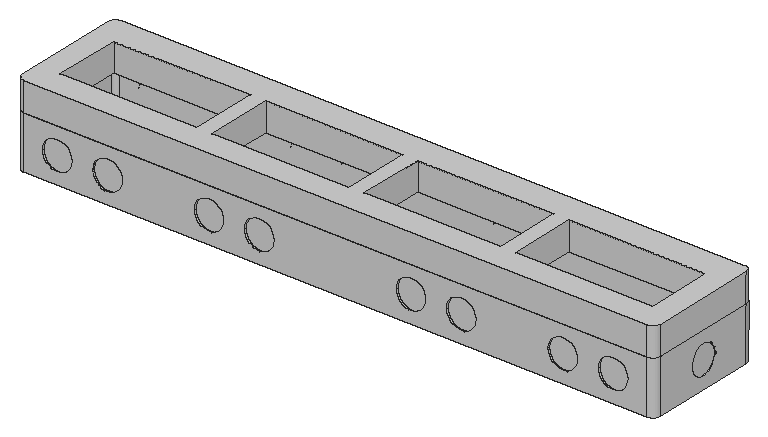
Revit family "Domotics-DomesticRanges-GEWISS-27COMBI_SYSTEM-IP40_4P+4P+4P+4P_HORIZONTAL", category Apparecchi elettrici, host Superficie, Revit 2016
Family settings
  Host = Superficie
  Mantenere orientamento annotazione = No
  Tipo di parte = Normale
  Quota connettore circolare = Usa diametro
  Numero OmniClass = 23.80.30.14.24
  Titolo OmniClass = Junction Boxes
  Taglio con vuoti quando caricato = Sì
  Condiviso = No
  Punto di calcolo locali = No
Parameters (values of type "GW27008 - 4x4 gangs horizontal")
  Version file RFA = "19.4"
  URL = "https://www.gewiss.com/ww/en"
  Type of knockout holes = "Removable with tool"
  Torque screws tightening = "0,8NM"
  Thermo-pressure with ball = "70 °C"
  Technical sheet = "https://www.gewiss.com/ww/en/search?q=GW27008"
  Standard; = "EN 60670-1"
  Shock resistance = "IK07"
  SEO = "Enclosure"
  SCATOLA = GEWISS GRIGIO
  Realized by GEWISS S.p.A. = ""
  Produttore = "GEWISS S.p.A."
  Outer dim. LxHxD (mm) = "429x82x55"
  Offset contenitore [instance] = 0 mm
  Offset bidimensionale [instance] = Offset contenitore + 55 mm  # 55 mm
  No. knockout holes Ã˜23 = "18 on sides / 4 on the bottom"
  No. knockout holes Ã˜ 23 = "18"
  Modello = "GW27008"
  Lid screws = "Corrosion-resistant steel"
  Larghezza scatola = 429 mm
  Insulation class = "II"
  Installation temperature = "-25 +60 °C"
  IP degree = "IP40"
  IFC.TypeObject = ""
  IFC.ExportType = ""
  IFC.ExportAs = ""
  IDT = "c435a9cb-b203-4528-9b1e-390a89cf94f5"
  IDF = "cf074f2e-dab3-4e00-91c2-059914fd0247"
  Glow Wire Test = "650°C"
  Electrocod = "0212"
  EAN code = "8011564055315"
  Distanza simbolo [instance] = 231.658 mm
  Default Elevation = 1219.2 mm
  Immagine tipo = GW27008.jpg
  Dimensions LxHxD (mm) = "429x82x55"
  Descrizione = "HORIZ.16(4X4) GANG ENCLOSURE IP40"
  Description: = "16 gang"
  Configuration = "Module 4 x 4"
  Compartment pre-arrangement = "2"
  Colour = "Grey RAL 7035"
  Characteristics = "Halogen free"
  Catalogue Range = "27COMBI"
  Catalogue = "DOMOTICS"
  COBie.Tagnumber = ""
  COBie.CreatedOn = ""
  COBie.CreatebBy = ""
  COBie.ComponentRegisterItemID = ""
  COBie.Component.TagNumber = ""
  COBie.Component.Space = ""
  COBie.Component.SerialNumber = ""
  COBie.Component.InstallationDate = ""
  COBie.Component.Description = ""
  COBie.Component.BarCode = ""
  Bidimensionale = bidimensionale system contenitori IP40 4X4P H : 4P
  Altezza simbolo [instance] = 102.729 mm
Reference planes
  plane 1 "Centro (Fronte/Retro)": y = 0
  plane 2: z = 0
  plane 3 "Centro (Sinistra/Destra)": x = 0
  plane 4: z = 0
  plane 5 "piano bidimensionale": z = 55
  plane 6: y = 41
  plane 7: y = -41
  plane 8: x = -214.5
  plane 9: x = 214.5
Forms (mm)
  Extrusion 1, solid, material "GEWISS GRIGIO" <- "SCATOLA", detail levels coarse
    sketch origin (0, 0, 55) x (0, -1, 0) y (1, 0, 0)
      loop
        arc (-41, -209.5) -> (-39.536, -213.036) -> (-36, -214.5) r 5
        line (-36, -214.5) -> (36, -214.5)
        arc (36, -214.5) -> (39.536, -213.036) -> (41, -209.5) r 5
        line (41, -209.5) -> (41, 209.5)
        arc (41, 209.5) -> (39.536, 213.036) -> (36, 214.5) r 5
        line (36, 214.5) -> (-36, 214.5)
        arc (-36, 214.5) -> (-39.536, 213.036) -> (-41, 209.5) r 5
        line (-41, 209.5) -> (-41, -209.5)
    from -55 to 0
Lines and regions (mm)
  Masking region 1
    outline origin (0, 0, 0) x (1, 0, 0) y (0, 0, 1)
      loop
        line (-214.5, 55) -> (-214.5, 0) -> (214.5, 0) -> (214.5, 55) -> (-214.5, 55)
  Masking region 2
    outline origin (0, 0, 0) x (0, 1, 0) y (0, 0, 1)
      loop
        line (-41, 55) -> (-41, 0) -> (41, 0) -> (41, 55) -> (-41, 55)
  Masking region 3, detail levels medium+fine
    outline origin (0, 0, 0) x (0, 1, 0) y (0, 0, 1)
      loop
        circle (0, 17.984) r 10
  Masking region 4, detail levels medium+fine
    outline origin (0, 0, 0) x (1, 0, 0) y (0, 0, 1)
      loop
        circle (-186.987, 18.054) r 10
      loop
        circle (-153.237, 18.054) r 10
      loop
        circle (-84.634, 18.054) r 10
      loop
        circle (-50.884, 18.054) r 10
      loop
        circle (186.987, 18.054) r 10
      loop
        circle (153.237, 18.054) r 10
      loop
        circle (84.634, 18.054) r 10
      loop
        circle (50.884, 18.054) r 10
Dimensions and locks
  "Offset contenitore": plane 4 to host face
  "Offset bidimensionale": plane 5 "piano bidimensionale" to plane 2
  "Larghezza scatola": plane 8 to plane 9
  equal spacing: plane 8, plane 3 "Centro (Sinistra/Destra)", plane 9
  aligned and locked: plane 2 to host face
  aligned and locked: level to host face
  aligned and locked: Extrusion 1 to plane 4
  aligned and locked: plane 5 "piano bidimensionale" to Extrusion 1
  aligned and locked: plane 4 to Extrusion 1  (x5)
  aligned and locked: Extrusion 1 to plane 6
  aligned and locked: Extrusion 1 to plane 8
  aligned and locked: Extrusion 1 to plane 7
  aligned and locked: plane 3 "Centro (Sinistra/Destra)" to nested 1
  aligned and locked: plane 1 "Centro (Fronte/Retro)" to nested 1
  aligned and locked: Extrusion 1 sketch curve to plane 8
  aligned and locked: plane 5 "piano bidimensionale" to nested 1
  aligned and locked: plane 3 "Centro (Sinistra/Destra)" to nested 2
  aligned and locked: plane 9 to nested 2
  aligned and locked: Extrusion 1 sketch curve to plane 9
  aligned and locked: nested 2 to plane 4
  aligned and locked: plane 4 to Masking region 1 sketch curve
  aligned and locked: plane 8 to Masking region 1 sketch curve
  aligned and locked: Masking region 1 sketch curve to plane 5 "piano bidimensionale"
  aligned and locked: Masking region 1 sketch curve to plane 9
  aligned and locked: Masking region 2 sketch curve to Extrusion 1  (x3)
  aligned and locked: Masking region 2 sketch curve to nested 2
Automatic sketch dimensions
  host sketch curve to host sketch curve = 2438.4 mm  (x2)
  plane 6 to Extrusion 1 sketch curve = 0 mm
  plane 7 to Extrusion 1 sketch curve = 0 mm
  Extrusion 1 sketch curve to plane 6 = 5 mm  (x2)
  plane 7 to Extrusion 1 sketch curve = 5 mm  (x2)
  Masking region 3 sketch curve to plane 1 "Centro (Fronte/Retro)" = 0 mm
  plane 4 to Masking region 3 sketch curve = 17.984 mm
  plane 8 to Masking region 4 sketch curve = 27.513 mm
  Masking region 4 sketch curve to Masking region 4 sketch curve = 33.75 mm  (x3)
  plane 4 to Masking region 4 sketch curve = 18.054 mm  (x8)
  Masking region 4 sketch curve to Masking region 4 sketch curve = 68.604 mm
  plane 3 "Centro (Sinistra/Destra)" to Masking region 4 sketch curve = 50.884 mm
  Masking region 4 sketch curve to plane 9 = 61.263 mm
  Masking region 4 sketch curve to plane 9 = 27.513 mm
  radius of Masking region 3 sketch curve = 10 mm
  radius of Masking region 4 sketch curve = 10 mm  (x8)
Nested families
  nested 1: "bidimensionale system contenitori IP40 4X4P H" at (0, 0, 55), type <- "Bidimensionale", type "4P", detail levels coarse
  nested 2: "SYSTEM CONTENITORI IP40 4X4P H_BASE" at (0, 0, 0), type "GW27008 - 4x4 posti orizzontali"
Connectors
  cabletrayconduit at (-186.83, -41, 18), diameter 20
    settings: on nested 2, index 1, connector width 300 mm, connector height 300 mm, connector angle 0.00°, system type 32, placement type 0, profile type 0, connector reference index -1, is primary connector yes, connector utility param no, connector description ""
  cabletrayconduit at (-153, -41, 18), diameter 20
    settings: on nested 2, index 2, connector width 300 mm, connector height 300 mm, connector angle 0.00°, system type 32, placement type 0, profile type 0, connector reference index -1, is primary connector no, connector utility param no, connector description ""
  cabletrayconduit at (-84.83, -41, 18), diameter 20
    settings: on nested 2, index 3, connector width 300 mm, connector height 300 mm, connector angle 0.00°, system type 32, placement type 0, profile type 0, connector reference index -1, is primary connector no, connector utility param no, connector description ""
  cabletrayconduit at (-51, -41, 18), diameter 20
    settings: on nested 2, index 4, connector width 300 mm, connector height 300 mm, connector angle 0.00°, system type 32, placement type 0, profile type 0, connector reference index -1, is primary connector no, connector utility param no, connector description ""
  cabletrayconduit at (-214.5, 0, 18), diameter 20
    settings: on nested 2, index 5, connector width 300 mm, connector height 300 mm, connector angle 0.00°, system type 32, placement type 0, profile type 0, connector reference index -1, is primary connector no, connector utility param no, connector description ""
  cabletrayconduit at (51, -41, 18), diameter 20
    settings: on nested 2, index 6, connector width 300 mm, connector height 300 mm, connector angle 0.00°, system type 32, placement type 0, profile type 0, connector reference index -1, is primary connector no, connector utility param no, connector description ""
  cabletrayconduit at (84.83, -41, 18), diameter 20
    settings: on nested 2, index 7, connector width 300 mm, connector height 300 mm, connector angle 0.00°, system type 32, placement type 0, profile type 0, connector reference index -1, is primary connector no, connector utility param no, connector description ""
  cabletrayconduit at (153, -41, 18), diameter 20
    settings: on nested 2, index 8, connector width 300 mm, connector height 300 mm, connector angle 0.00°, system type 32, placement type 0, profile type 0, connector reference index -1, is primary connector no, connector utility param no, connector description ""
  cabletrayconduit at (186.83, -41, 18), diameter 20
    settings: on nested 2, index 9, connector width 300 mm, connector height 300 mm, connector angle 0.00°, system type 32, placement type 0, profile type 0, connector reference index -1, is primary connector no, connector utility param no, connector description ""
  cabletrayconduit at (214.5, 0, 18), diameter 20
    settings: on nested 2, index 10, connector width 300 mm, connector height 300 mm, connector angle 0.00°, system type 32, placement type 0, profile type 0, connector reference index -1, is primary connector no, connector utility param no, connector description ""
  cabletrayconduit at (186.83, 41, 18), diameter 20
    settings: on nested 2, index 11, connector width 300 mm, connector height 300 mm, connector angle 0.00°, system type 32, placement type 0, profile type 0, connector reference index -1, is primary connector no, connector utility param no, connector description ""
  cabletrayconduit at (153, 41, 18), diameter 20
    settings: on nested 2, index 12, connector width 300 mm, connector height 300 mm, connector angle 0.00°, system type 32, placement type 0, profile type 0, connector reference index -1, is primary connector no, connector utility param no, connector description ""
  cabletrayconduit at (84.83, 41, 18), diameter 20
    settings: on nested 2, index 13, connector width 300 mm, connector height 300 mm, connector angle 0.00°, system type 32, placement type 0, profile type 0, connector reference index -1, is primary connector no, connector utility param no, connector description ""
  cabletrayconduit at (51, 41, 18), diameter 20
    settings: on nested 2, index 14, connector width 300 mm, connector height 300 mm, connector angle 0.00°, system type 32, placement type 0, profile type 0, connector reference index -1, is primary connector no, connector utility param no, connector description ""
  cabletrayconduit at (-51, 41, 18), diameter 20
    settings: on nested 2, index 15, connector width 300 mm, connector height 300 mm, connector angle 0.00°, system type 32, placement type 0, profile type 0, connector reference index -1, is primary connector no, connector utility param no, connector description ""
  cabletrayconduit at (-84.83, 41, 18), diameter 20
    settings: on nested 2, index 16, connector width 300 mm, connector height 300 mm, connector angle 0.00°, system type 32, placement type 0, profile type 0, connector reference index -1, is primary connector no, connector utility param no, connector description ""
  cabletrayconduit at (-153, 41, 18), diameter 20
    settings: on nested 2, index 17, connector width 300 mm, connector height 300 mm, connector angle 0.00°, system type 32, placement type 0, profile type 0, connector reference index -1, is primary connector no, connector utility param no, connector description ""
  cabletrayconduit at (-186.83, 41, 18), diameter 20
    settings: on nested 2, index 18, connector width 300 mm, connector height 300 mm, connector angle 0.00°, system type 32, placement type 0, profile type 0, connector reference index -1, is primary connector no, connector utility param no, connector description ""
Definition of nested family "SYSTEM CONTENITORI IP40 4X4P H_BASE"
  Parameters (values of type "GW27008 - 4x4 posti orizzontali")
    SCATOLA = none
    PRESA = none
    Profondità scatola = 55 mm  # constant formula
    Larghezza scatola = 429 mm
    Larghezza foro = 92 mm
    Bidimensionale = 70 mm
    Altezza scatola = 82 mm  # constant formula
    Altezza foro = 45 mm
  Reference planes
    plane 1 "Centro (Fronte/Retro)": y = 0
    plane 2: z = 0
    plane 3 "Centro (Sinistra/Destra)": x = 0
    plane 4: y = -41
    plane 5: y = 41
    plane 6: x = -214.5
    plane 7: x = 214.5
    plane 8 "PIANO BIDIMENSIONALE": z = 70
    plane 9: z = 55
    plane 10: y = 21.5
    plane 11: y = -23.5
    plane 12: x = -97
    plane 13: x = 97
    plane 14: x = -107
    plane 15: x = -199
    plane 16: x = 107
    plane 17: x = 199
    plane 18: x = -5
    plane 19: x = 5
  Forms (mm)
    Extrusion 1, solid, material <- "SCATOLA", detail levels medium+fine
      sketch origin (0, 0, 66) x (0, -1, 0) y (1, 0, 0)
        loop
          arc (-41, -209.5) -> (-39.536, -213.036) -> (-36, -214.5) r 5
          line (-36, -214.5) -> (36, -214.5)
          arc (36, -214.5) -> (39.536, -213.036) -> (41, -209.5) r 5
          line (41, -209.5) -> (41, 209.5)
          arc (41, 209.5) -> (39.536, 213.036) -> (36, 214.5) r 5
          line (36, 214.5) -> (-36, 214.5)
          arc (-36, 214.5) -> (-39.536, 213.036) -> (-41, 209.5) r 5
          line (-41, 209.5) -> (-41, -209.5)
        loop
          line (36, 212.5) -> (-36, 212.5)
          arc (-36, 212.5) -> (-38.121, 211.621) -> (-39, 209.5) r 3
          line (-39, 209.5) -> (-39, -209.5)
          arc (-39, -209.5) -> (-38.121, -211.621) -> (-36, -212.5) r 3
          line (-36, -212.5) -> (36, -212.5)
          arc (36, -212.5) -> (38.121, -211.621) -> (39, -209.5) r 3
          line (39, -209.5) -> (39, 209.5)
          arc (39, 209.5) -> (38.121, 211.621) -> (36, 212.5) r 3
      from -66 to -30
    Extrusion 2, void, detail levels medium+fine
      sketch origin (0, 0, 0) x (0, 1, 0) y (0, 0, 1)
        loop
          circle (0, 18) r 10
      from 213.411 to 214.5
    Extrusion 3, void, detail levels medium+fine
      sketch origin (0, 25.408, 0) x (1, 0, 0) y (0, 0, -1)
        loop
          circle (-186.83, -18) r 10
        loop
          circle (-153, -18) r 10
        loop
          circle (153, -18) r 10
        loop
          circle (186.83, -18) r 10
        loop
          circle (-84.83, -18) r 10
        loop
          circle (-51, -18) r 10
        loop
          circle (84.83, -18) r 10
        loop
          circle (51, -18) r 10
      from 14.491 to 15.592
    Extrusion 4, void, detail levels medium+fine
      sketch origin (-81, 0, 0) x (0, 1, 0) y (0, 0, 1)
        loop
          circle (0, 18) r 10
      from -133.5 to -132.396
    Extrusion 5, void
      sketch origin (0, 0, 0) x (1, 0, 0) y (0, 0, 1)
        loop
          circle (153, 18) r 10
        loop
          circle (186.83, 18) r 10
        loop
          circle (-153, 18) r 10
        loop
          circle (-186.83, 18) r 10
        loop
          circle (-51, 18) r 10
        loop
          circle (-84.83, 18) r 10
        loop
          circle (51, 18) r 10
        loop
          circle (84.83, 18) r 10
      from 40.113 to 41
    Extrusion 6, solid, material <- "SCATOLA", detail levels medium+fine
      sketch origin (0, 0, 0) x (1, 0, 0) y (0, 1, 0)
        loop
          line (-212.5, 36) -> (-212.5, -36)
          arc (-212.5, -36) -> (-211.621, -38.121) -> (-209.5, -39) r 3
          line (-209.5, -39) -> (209.5, -39)
          arc (209.5, -39) -> (211.621, -38.121) -> (212.5, -36) r 3
          line (212.5, -36) -> (212.5, 36)
          arc (212.5, 36) -> (211.621, 38.121) -> (209.5, 39) r 3
          line (209.5, 39) -> (-209.5, 39)
          arc (-209.5, 39) -> (-211.621, 38.121) -> (-212.5, 36) r 3
      from 0 to 2
    Extrusion 7, solid, material <- "SCATOLA", detail levels medium+fine
      sketch origin (0, 0, 70) x (-1, 0, 0) y (0, -1, 0)
        loop
          line (214.5, -36) -> (214.5, 36)
          arc (214.5, 36) -> (213.036, 39.536) -> (209.5, 41) r 5
          line (209.5, 41) -> (-209.5, 41)
          arc (-209.5, 41) -> (-213.036, 39.536) -> (-214.5, 36) r 5
          line (-214.5, 36) -> (-214.5, -36)
          arc (-214.5, -36) -> (-213.036, -39.536) -> (-209.5, -41) r 5
          line (-209.5, -41) -> (209.5, -41)
          arc (209.5, -41) -> (213.036, -39.536) -> (214.5, -36) r 5
        loop
          line (199, 23.5) -> (107, 23.5) -> (107, -21.5) -> (199, -21.5) -> (199, 23.5)
        loop
          line (-199, -21.5) -> (-107, -21.5) -> (-107, 23.5) -> (-199, 23.5) -> (-199, -21.5)
        loop
          line (97, 23.5) -> (5, 23.5) -> (5, -21.5) -> (97, -21.5) -> (97, 23.5)
        loop
          line (-5, -21.5) -> (-5, 23.5) -> (-97, 23.5) -> (-97, -21.5) -> (-5, -21.5)
      from -34 to -15
  Cuts and joins
    Extrusion 2, Extrusion 3, Extrusion 4, Extrusion 5 cuts Extrusion 1
  Lines and regions (mm)
    Masking region 1
      outline origin (0, 0, 70) x (-1, 0, 0) y (0, -1, 0)
        loop
          line (-209.5, -41) -> (209.5, -41)
          arc (209.5, -41) -> (213.036, -39.536) -> (214.5, -36) r 5
          line (214.5, -36) -> (214.5, 36)
          arc (214.5, 36) -> (213.036, 39.536) -> (209.5, 41) r 5
          line (209.5, 41) -> (-209.5, 41)
          arc (-209.5, 41) -> (-213.036, 39.536) -> (-214.5, 36) r 5
          line (-214.5, 36) -> (-214.5, -36)
          arc (-214.5, -36) -> (-213.036, -39.536) -> (-209.5, -41) r 5
        loop
          circle (-209.5, 36) r 2
        loop
          circle (-209.5, -36) r 2
        loop
          circle (209.5, -36) r 2
        loop
          circle (209.5, 36) r 2
        loop
          line (97, 23.5) -> (5, 23.5) -> (5, -21.5) -> (97, -21.5) -> (97, 23.5)
        loop
          line (-107, 23.5) -> (-199, 23.5) -> (-199, -21.5) -> (-107, -21.5) -> (-107, 23.5)
        loop
          line (107, -21.5) -> (199, -21.5) -> (199, 23.5) -> (107, 23.5) -> (107, -21.5)
        loop
          line (-5, -21.5) -> (-5, 23.5) -> (-97, 23.5) -> (-97, -21.5) -> (-5, -21.5)
    Masking region 2
      outline origin (0, 0, 70) x (-1, 0, 0) y (0, -1, 0)
        loop
          circle (209.5, -36) r 2
        loop
          circle (209.5, 36) r 2
        loop
          circle (-209.5, 36) r 2
        loop
          circle (-209.5, -36) r 2
        loop
          line (199, -21.5) -> (199, 23.5) -> (107, 23.5) -> (107, -21.5) -> (199, -21.5)
        loop
          line (97, -21.5) -> (97, 23.5) -> (5, 23.5) -> (5, -21.5) -> (97, -21.5)
        loop
          line (-107, -21.5) -> (-107, 23.5) -> (-199, 23.5) -> (-199, -21.5) -> (-107, -21.5)
        loop
          line (-5, -21.5) -> (-5, 23.5) -> (-97, 23.5) -> (-97, -21.5) -> (-5, -21.5)
  Dimensions and locks
    equal spacing: plane 4, plane 1 "Centro (Fronte/Retro)", plane 5
    plane 4 to plane 5 = 82 mm
    equal spacing: plane 6, plane 3 "Centro (Sinistra/Destra)", plane 7
    "Larghezza scatola": plane 6 to plane 7
    equal spacing: plane 5, plane 1 "Centro (Fronte/Retro)", plane 4
    "Altezza scatola": plane 5 to plane 4
    "Bidimensionale": plane 8 "PIANO BIDIMENSIONALE" to level
    "Profondità scatola": plane 9 to plane 2
    "Altezza foro": plane 10 to plane 11
    locked: cut or joined group of Extrusion 1, Extrusion 2, Extrusion 3, Extrusion 4, Extrusion 5 to Extrusion 7 at 1.089
    locked: Extrusion 7 to cut or joined group of Extrusion 1, Extrusion 2, Extrusion 3, Extrusion 4, Extrusion 5 at 1.104
    equal spacing: plane 12, plane 3 "Centro (Sinistra/Destra)", plane 13
    "Larghezza foro": plane 15 to plane 14
    "Larghezza foro": plane 16 to plane 17
    equal spacing: plane 14, plane 3 "Centro (Sinistra/Destra)", plane 16
    locked: plane 14 to plane 12 at 10
    "Larghezza foro": plane 12 to plane 18
    "Larghezza foro": plane 19 to plane 13
    aligned and locked: level to plane 2
    aligned and locked: plane 7 to Extrusion 2
    aligned and locked: plane 5 to Extrusion 3
    aligned and locked: Extrusion 5 to plane 4
    aligned and locked: Extrusion 6 to cut or joined group of Extrusion 1, Extrusion 2, Extrusion 3, Extrusion 4, Extrusion 5  (x4)
    aligned and locked: Extrusion 4 to plane 6
    aligned and locked: cut or joined group of Extrusion 1, Extrusion 2, Extrusion 3, Extrusion 4, Extrusion 5 to plane 2
    aligned and locked: Extrusion 1 to level
    aligned and locked: Extrusion 7 sketch curve to cut or joined group of Extrusion 1, Extrusion 2, Extrusion 3, Extrusion 4, Extrusion 5  (x4)
    aligned and locked: Extrusion 7 to cut or joined group of Extrusion 1, Extrusion 2, Extrusion 3, Extrusion 4, Extrusion 5
    aligned and locked: Extrusion 7 to plane 9
    aligned and locked: Masking region 1 sketch curve to Extrusion 7  (x4)
    aligned and locked: Masking region 1 to plane 6
    aligned and locked: plane 7 to Masking region 1
    aligned and locked: Masking region 1 sketch curve to plane 11  (x3)
    aligned and locked: Masking region 1 sketch curve to plane 12
    aligned and locked: plane 10 to Masking region 1 sketch curve
    aligned and locked: plane 16 to Masking region 1 sketch curve
    aligned and locked: Masking region 1 sketch curve to plane 10
    aligned and locked: Masking region 1 sketch curve to plane 17
    aligned and locked: Masking region 1 sketch curve to plane 15
    aligned and locked: Masking region 2 sketch curve to plane 10  (x4)
    aligned and locked: Masking region 2 sketch curve to plane 14
    aligned and locked: plane 12 to Masking region 2 sketch curve
    aligned and locked: plane 15 to Masking region 2 sketch curve
    aligned and locked: Masking region 2 sketch curve to plane 16
    aligned and locked: plane 17 to Masking region 2 sketch curve
    aligned and locked: Masking region 2 sketch curve to plane 11
    aligned and locked: plane 11 to Masking region 2 sketch curve  (x2)
    aligned and locked: plane 14 to Masking region 1 sketch curve
    aligned and locked: plane 16 to Extrusion 7 sketch curve
    aligned and locked: Extrusion 7 sketch curve to plane 17
    aligned and locked: plane 14 to Extrusion 7 sketch curve
    aligned and locked: Extrusion 7 sketch curve to plane 15
    aligned and locked: plane 10 to Extrusion 7 sketch curve  (x2)
    aligned and locked: Extrusion 7 sketch curve to plane 10  (x2)
    aligned and locked: Extrusion 7 sketch curve to plane 11  (x3)
    aligned and locked: plane 18 to Masking region 2 sketch curve
    aligned and locked: Masking region 2 sketch curve to plane 19
    aligned and locked: Masking region 1 sketch curve to plane 18
    aligned and locked: plane 11 to Extrusion 7 sketch curve
    aligned and locked: Extrusion 7 sketch curve to plane 18
    aligned and locked: Extrusion 7 sketch curve to plane 19
    aligned and locked: Extrusion 7 sketch curve to plane 13
    aligned and locked: Extrusion 7 sketch curve to plane 12
  Automatic sketch dimensions
    Extrusion 1 sketch curve to plane 5 = 0 mm
    Extrusion 1 sketch curve to plane 6 = 0 mm
    Extrusion 1 sketch curve to plane 7 = 0 mm
    Extrusion 1 sketch curve to plane 4 = 0 mm
    Extrusion 1 sketch curve to Extrusion 1 sketch curve = 5 mm  (x2)
    plane 4 to Extrusion 1 sketch curve = 5 mm  (x2)
    Extrusion 2 sketch curve to plane 1 "Centro (Fronte/Retro)" = 0 mm
    level to Extrusion 2 sketch curve = 18 mm
    Extrusion 4 sketch curve to plane 1 "Centro (Fronte/Retro)" = 0 mm
    level to Extrusion 4 sketch curve = 18 mm
    Extrusion 1 sketch curve to Extrusion 1 sketch curve = 0 mm  (x7)
    Extrusion 1 sketch curve to Extrusion 1 sketch curve = 2 mm
    plane 6 to Extrusion 6 sketch curve = 2 mm
    plane 4 to Extrusion 6 sketch curve = 2 mm
    Extrusion 6 sketch curve to Extrusion 6 sketch curve = 3 mm  (x2)
    Extrusion 6 sketch curve to plane 7 = 5 mm  (x2)
    Extrusion 6 sketch curve to plane 7 = 2 mm
    Extrusion 6 sketch curve to plane 5 = 5 mm
    Masking region 2 sketch curve to plane 7 = 5 mm  (x2)
    plane 6 to Masking region 2 sketch curve = 5 mm  (x2)
    Masking region 2 sketch curve to plane 5 = 5 mm  (x2)
    plane 4 to Masking region 2 sketch curve = 5 mm  (x2)
    Masking region 2 sketch curve to Masking region 2 sketch curve = 2 mm  (x4)
    Masking region 1 sketch curve to Masking region 1 sketch curve = 0 mm  (x8)
    Masking region 1 sketch curve to plane 10 = 0 mm  (x2)
    Masking region 1 sketch curve to Masking region 1 sketch curve = 5 mm
    plane 4 to Masking region 1 sketch curve = 5 mm
    plane 6 to Masking region 1 sketch curve = 5 mm  (x2)
    Masking region 1 sketch curve to plane 11 = 0 mm
    Masking region 1 sketch curve to plane 19 = 0 mm
    Extrusion 7 sketch curve to plane 7 = 5 mm  (x2)
    plane 4 to Extrusion 7 sketch curve = 5 mm
    Extrusion 7 sketch curve to Extrusion 7 sketch curve = 5 mm
    Masking region 1 sketch curve to plane 13 = 0 mm
    Masking region 2 sketch curve to plane 13 = 0 mm
    Masking region 2 sketch curve to plane 11 = 0 mm
    Extrusion 5 sketch curve to Extrusion 5 sketch curve = 0 mm  (x16)
    plane 15 to Extrusion 5 sketch curve = 12.17 mm
    Extrusion 5 sketch curve to Extrusion 5 sketch curve = 33.83 mm  (x2)
    plane 12 to Extrusion 5 sketch curve = 12.17 mm
    level to Extrusion 5 sketch curve = 18 mm  (x8)
    Extrusion 5 sketch curve to plane 13 = 46 mm
    Extrusion 5 sketch curve to plane 13 = 12.17 mm
    Extrusion 5 sketch curve to plane 16 = 46 mm
    plane 17 to Extrusion 5 sketch curve = 12.17 mm
    plane 15 to Extrusion 5 sketch curve = 2.17 mm
    Extrusion 5 sketch curve to Extrusion 5 sketch curve = 10 mm  (x6)
    plane 12 to Extrusion 5 sketch curve = 2.17 mm
    Extrusion 3 sketch curve to Extrusion 3 sketch curve = 0 mm  (x16)
    plane 15 to Extrusion 3 sketch curve = 12.17 mm
    Extrusion 3 sketch curve to Extrusion 3 sketch curve = 33.83 mm  (x2)
    plane 12 to Extrusion 3 sketch curve = 12.17 mm
    level to Extrusion 3 sketch curve = 18 mm  (x8)
    Extrusion 3 sketch curve to plane 13 = 46 mm
    Extrusion 3 sketch curve to plane 13 = 12.17 mm
    Extrusion 3 sketch curve to plane 16 = 46 mm
    plane 17 to Extrusion 3 sketch curve = 12.17 mm
    plane 15 to Extrusion 3 sketch curve = 2.17 mm
    Extrusion 3 sketch curve to Extrusion 3 sketch curve = 10 mm  (x6)
    plane 12 to Extrusion 3 sketch curve = 2.17 mm
    radius of Extrusion 2 sketch curve = 10 mm
    radius of Extrusion 4 sketch curve = 10 mm
    radius of Masking region 1 sketch curve = 2 mm  (x4)
Definition of nested family "bidimensionale system contenitori IP40 4X4P H"
  Parameters (values of type "4P")
    Larghezza scatola = 429 mm
    Larghezza foro = 92 mm
    Altezza scatola = 82 mm
    Altezza foro = 45 mm  # constant formula
  Reference planes
    plane 1 "Centro (Fronte/Retro)": y = 0
    plane 2: z = 0
    plane 3 "Centro (Sinistra/Destra)": x = 0
    plane 4: x = -214.5
    plane 5: x = 214.5
    plane 6: y = 41
    plane 7: y = -41
    plane 8: y = 21.5
    plane 9: y = -23.5
    plane 10: x = -199
    plane 11: x = -107
    plane 12: x = -97
    plane 13: x = -5
    plane 14: x = 5
    plane 15: x = 97
    plane 16: x = 199
    plane 17: x = 107
  Lines and regions (mm)
    model lines
      curve 1: line (-214.5, -36, 0) -> (-214.5, 36, 0)
      curve 2: arc (-214.5, 36, 0) -> (-213.036, 39.536, 0) -> (-209.5, 41, 0) r 5
      curve 3: line (-209.5, 41, 0) -> (209.5, 41, 0)
      curve 4: arc (209.5, 41, 0) -> (213.036, 39.536, 0) -> (214.5, 36, 0) r 5
      curve 5: line (214.5, 36, 0) -> (214.5, -36, 0)
      curve 6: arc (214.5, -36, 0) -> (213.036, -39.536, 0) -> (209.5, -41, 0) r 5
      curve 7: line (209.5, -41, 0) -> (-209.5, -41, 0)
      curve 8: arc (-209.5, -41, 0) -> (-213.036, -39.536, 0) -> (-214.5, -36, 0) r 5
      curve 9: circle (-209.5, 36, 0) r 2 normal (0, 0, 1)
      curve 10: circle (209.5, 36, 0) r 2 normal (0, 0, 1)
      curve 11: circle (209.5, -36, 0) r 2 normal (0, 0, 1)
      curve 12: circle (-209.5, -36, 0) r 2 normal (0, 0, 1)
      curve 13: line (-199, -23.5, 0) -> (-107, -23.5, 0)
      curve 14: line (-199, 22.5, 0) -> (-199, -23.5, 0)
      curve 15: line (-107, 21.5, 0) -> (-199, 21.5, 0)
      curve 16: line (-107, -23.5, 0) -> (-107, 22.5, 0)
      curve 17: line (-97, -23.5, 0) -> (-5, -23.5, 0)
      curve 18: line (-97, 22.5, 0) -> (-97, -23.5, 0)
      curve 19: line (-5, 21.5, 0) -> (-97, 21.5, 0)
      curve 20: line (-5, -23.5, 0) -> (-5, 22.5, 0)
      curve 21: arc (-197, 24.5, 0) -> (-198.414, 23.914, 0) -> (-199, 22.5, 0) r 2
      curve 22: line (-197, 24.5, 0) -> (-109, 24.5, 0)
      curve 23: arc (-107, 22.5, 0) -> (-107.586, 23.914, 0) -> (-109, 24.5, 0) r 2
      curve 24: arc (-95, 24.5, 0) -> (-96.414, 23.914, 0) -> (-97, 22.5, 0) r 2
      curve 25: line (-7, 24.5, 0) -> (-95, 24.5, 0)
      curve 26: arc (-5, 22.5, 0) -> (-5.586, 23.914, 0) -> (-7, 24.5, 0) r 2
      curve 27: line (97, -23.5, 0) -> (5, -23.5, 0)
      curve 28: line (97, 22.5, 0) -> (97, -23.5, 0)
      curve 29: line (5, 21.5, 0) -> (97, 21.5, 0)
      curve 30: line (5, -23.5, 0) -> (5, 22.5, 0)
      curve 31: arc (95, 24.5, 0) -> (96.414, 23.914, 0) -> (97, 22.5, 0) r 2
      curve 32: line (95, 24.5, 0) -> (7, 24.5, 0)
      curve 33: arc (5, 22.5, 0) -> (5.586, 23.914, 0) -> (7, 24.5, 0) r 2
      curve 34: line (199, -23.5, 0) -> (107, -23.5, 0)
      curve 35: line (199, 22.5, 0) -> (199, -23.5, 0)
      curve 36: line (107, 21.5, 0) -> (199, 21.5, 0)
      curve 37: line (107, -23.5, 0) -> (107, 22.5, 0)
      curve 38: arc (197, 24.5, 0) -> (198.414, 23.914, 0) -> (199, 22.5, 0) r 2
      curve 39: line (197, 24.5, 0) -> (109, 24.5, 0)
      curve 40: arc (107, 22.5, 0) -> (107.586, 23.914, 0) -> (109, 24.5, 0) r 2
  Dimensions and locks
    equal spacing: plane 6, plane 1 "Centro (Fronte/Retro)", plane 7
    equal spacing: plane 4, plane 3 "Centro (Sinistra/Destra)", plane 5
    "Altezza scatola": plane 6 to plane 7
    "Larghezza scatola": plane 4 to plane 5
    "Altezza foro": plane 9 to plane 8
    "Larghezza foro": plane 10 to plane 11
    "Larghezza foro": plane 12 to plane 13
    "Larghezza foro": plane 14 to plane 15
    "Larghezza foro": plane 16 to plane 17
    aligned and locked: level to plane 2
    aligned and locked: curve 13 to plane 9
    aligned and locked: curve 15 to plane 8
    aligned and locked: plane 9 to curve 17
    aligned and locked: curve 19 to plane 8
    aligned and locked: plane 10 to curve 14
    aligned and locked: curve 16 to plane 11
    aligned and locked: plane 12 to curve 18
    aligned and locked: curve 20 to plane 13
    aligned and locked: curve 30 to plane 14
    aligned and locked: plane 15 to curve 28
    aligned and locked: curve 35 to plane 16
    aligned and locked: plane 17 to curve 37
    aligned and locked: curve 34 to plane 9
    aligned and locked: plane 8 to curve 36
  Automatic sketch dimensions
    curve 2 to curve 9 = 0 mm  (x2)
    curve 4 to curve 10 = 0 mm  (x2)
    curve 6 to curve 11 = 0 mm  (x2)
    curve 8 to curve 12 = 0 mm  (x2)
    curve 1 to plane 4 = 0 mm
    curve 3 to plane 6 = 0 mm
    curve 8 to plane 7 = 0 mm
    curve 5 to plane 5 = 0 mm
    plane 9 to curve 27 = 0 mm
    plane 8 to curve 29 = 0 mm
    plane 4 to curve 3 = 5 mm
    curve 1 to curve 8 = 5 mm
    curve 22 to plane 10 = 2 mm
    plane 11 to curve 22 = 2 mm
    curve 25 to plane 12 = 2 mm
    curve 26 to plane 8 = 1 mm
    curve 26 to curve 20 = 2 mm
    curve 32 to plane 14 = 2 mm
    plane 15 to curve 32 = 2 mm
    plane 17 to curve 39 = 2 mm
    curve 38 to plane 8 = 1 mm
    curve 38 to plane 16 = 2 mm
    curve 7 to plane 5 = 5 mm
    curve 10 to curve 4 = 5 mm
    curve 16 to plane 8 = 1 mm
    curve 33 to plane 8 = 1 mm
    radius of curve 9 = 2 mm
    radius of curve 10 = 2 mm
    radius of curve 11 = 2 mm
    radius of curve 12 = 2 mm
